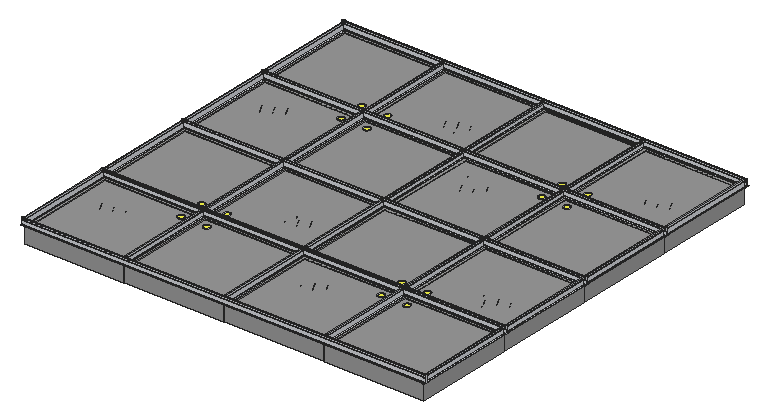
Revit family "GRD-FPG-019_FOLDED PLUG GRID_RFA", category Modelos genéricos, Revit 2022
Family settings
  Puede alojar armadura = No
  Cota de conector redondo = Diámetro de uso
  Tipo de pieza = Normal
  Se basa en plano de trabajo = No
  Siempre vertical = Sí
  Corte con vacíos al cargar = No
  Mantener orientación de anotación = No
  Compartido = No
  Punto de cálculo de habitación = No
Parameters
  Elevación por defecto = 0.00"
Reference planes (in)
  plane 1 "Centro (Frontal/Posterior)": y = 0
  plane 2: z = 0
  plane 3 "Centro (Izquierda/Derecha)": x = 0
Forms (in)
  Extrusion 1, solid
    sketch origin (0.125, -23.875, 0) x (1, 0, 0) y (0, 1, 0)
      loop
        line (23.75, 23.75) -> (0, 23.75) -> (0, 0) -> (23.75, 0) -> (23.75, 23.75)
      loop
        line (0.94488, 0.94488) -> (22.80511, 0.94488) -> (22.80511, 22.80512) -> (0.94488, 22.80512) -> (0.94488, 0.94488)
    from -4 to 0
  Extrusion 2, solid
    sketch origin (0.125, -23.875, 0) x (1, 0, 0) y (0, 1, 0)
      loop
        line (22.80511, 0.94488) -> (22.80511, 22.80512) -> (0.94488, 22.80512) -> (0.94488, 0.94488) -> (22.80511, 0.94488)
      loop
        circle (20.79957, 2.95042) r 0.75
    from -0.42218 to 0
  Extrusion 3, solid
    sketch origin (0.125, -23.875, 0) x (1, 0, 0) y (0, 1, 0)
      loop
        line (23.27755, 14.46569) -> (23.27755, 14.93769)
        arc (23.27755, 14.93769) -> (13.04907, 10.70092) -> (8.8123, 0.47244) r 14.46525
        line (8.8123, 0.47244) -> (9.2843, 0.47244)
        arc (9.2843, 0.47244) -> (13.38283, 10.36716) -> (23.27755, 14.46569) r 13.99325
      loop
        arc (6.7843, 0.47244) -> (11.61478, 12.13425) -> (23.27659, 16.96473) r 16.49229
        line (23.27659, 16.96473) -> (23.27659, 17.43769)
        arc (23.27659, 17.43769) -> (11.28034, 12.46869) -> (6.31133, 0.47244) r 16.96525
        line (6.31133, 0.47244) -> (6.7843, 0.47244)
      loop
        line (23.27756, 19.46569) -> (23.27756, 19.9377)
        arc (23.27756, 19.9377) -> (9.51354, 14.23646) -> (3.8123, 0.47244) r 19.46526
        line (3.8123, 0.47244) -> (4.2843, 0.47244)
        arc (4.2843, 0.47244) -> (9.8473, 13.9027) -> (23.27756, 19.46569) r 18.99325
    from -3.57782 to -0.42218
  Extrusion 4, solid
    sketch origin (0.125, -23.875, 0) x (1, 0, 0) y (0, 1, 0)
      loop
        circle (20.79957, 2.95042) r 0.75
      loop
        circle (20.79957, 2.95042) r 1
    from -0.57265 to -0.42218
  Extrusion 5, solid
    sketch origin (0.125, -23.875, 0) x (1, 0, 0) y (0, 1, 0)
      loop
        circle (20.79957, 2.95042) r 0.75
    from -0.57265 to 0.00002
  Extrusion 6, solid, not visible
    sketch origin (0, 0, 0) x (1, 0, 0) y (0, 1, 0)
      loop
        circle (20.79957, 2.95042) r 0.75
      loop
        circle (20.79957, 2.95042) r 1
    from -0.57265 to -0.42218
  Extrusion 7, solid, not visible
    sketch origin (0, 0, 0) x (1, 0, 0) y (0, 1, 0)
      loop
        circle (20.79957, 2.95042) r 0.75
    from -0.57265 to 0.00002
  Extrusion 8, solid, not visible
    sketch origin (0, 0, 0) x (1, 0, 0) y (0, 1, 0)
      loop
        line (23.75, 23.75) -> (0, 23.75) -> (0, 0) -> (23.75, 0) -> (23.75, 23.75)
      loop
        line (0.94488, 0.94488) -> (22.80511, 0.94488) -> (22.80511, 22.80512) -> (0.94488, 22.80512) -> (0.94488, 0.94488)
    from -4 to 0
  Extrusion 9, solid, not visible
    sketch origin (0, 0, 0) x (1, 0, 0) y (0, 1, 0)
      loop
        line (22.80511, 0.94488) -> (22.80511, 22.80512) -> (0.94488, 22.80512) -> (0.94488, 0.94488) -> (22.80511, 0.94488)
      loop
        circle (20.79957, 2.95042) r 0.75
    from -0.42218 to 0
  Extrusion 10, solid, not visible
    sketch origin (0, 0, 0) x (1, 0, 0) y (0, 1, 0)
      loop
        line (23.27755, 14.46569) -> (23.27755, 14.93769)
        arc (23.27755, 14.93769) -> (13.04907, 10.70092) -> (8.8123, 0.47244) r 14.46525
        line (8.8123, 0.47244) -> (9.2843, 0.47244)
        arc (9.2843, 0.47244) -> (13.38283, 10.36716) -> (23.27755, 14.46569) r 13.99325
      loop
        arc (6.7843, 0.47244) -> (11.61478, 12.13425) -> (23.27659, 16.96473) r 16.49229
        line (23.27659, 16.96473) -> (23.27659, 17.43769)
        arc (23.27659, 17.43769) -> (11.28034, 12.46869) -> (6.31133, 0.47244) r 16.96525
        line (6.31133, 0.47244) -> (6.7843, 0.47244)
      loop
        line (23.27756, 19.46569) -> (23.27756, 19.9377)
        arc (23.27756, 19.9377) -> (9.51354, 14.23646) -> (3.8123, 0.47244) r 19.46526
        line (3.8123, 0.47244) -> (4.2843, 0.47244)
        arc (4.2843, 0.47244) -> (9.8473, 13.9027) -> (23.27756, 19.46569) r 18.99325
    from -3.57782 to -0.42218
  Extrusion 11, solid, not visible
    sketch origin (0, 0, 0) x (1, 0, 0) y (0, 1, 0)
      loop
        line (23.75, 23.75) -> (0, 23.75) -> (0, 0) -> (23.75, 0) -> (23.75, 23.75)
      loop
        line (0.94488, 0.94488) -> (22.80511, 0.94488) -> (22.80511, 22.80512) -> (0.94488, 22.80512) -> (0.94488, 0.94488)
    from -4 to 0
  Extrusion 12, solid, not visible
    sketch origin (0, 0, 0) x (1, 0, 0) y (0, 1, 0)
      loop
        line (22.80511, 0.94488) -> (22.80511, 22.80512) -> (0.94488, 22.80512) -> (0.94488, 0.94488) -> (22.80511, 0.94488)
      loop
        circle (20.79957, 2.95042) r 0.75
    from -0.42218 to 0
  Extrusion 13, solid, not visible
    sketch origin (0, 0, 0) x (1, 0, 0) y (0, 1, 0)
      loop
        line (23.27755, 14.46569) -> (23.27755, 14.93769)
        arc (23.27755, 14.93769) -> (13.04907, 10.70092) -> (8.8123, 0.47244) r 14.46525
        line (8.8123, 0.47244) -> (9.2843, 0.47244)
        arc (9.2843, 0.47244) -> (13.38283, 10.36716) -> (23.27755, 14.46569) r 13.99325
      loop
        arc (6.7843, 0.47244) -> (11.61478, 12.13425) -> (23.27659, 16.96473) r 16.49229
        line (23.27659, 16.96473) -> (23.27659, 17.43769)
        arc (23.27659, 17.43769) -> (11.28034, 12.46869) -> (6.31133, 0.47244) r 16.96525
        line (6.31133, 0.47244) -> (6.7843, 0.47244)
      loop
        line (23.27756, 19.46569) -> (23.27756, 19.9377)
        arc (23.27756, 19.9377) -> (9.51354, 14.23646) -> (3.8123, 0.47244) r 19.46526
        line (3.8123, 0.47244) -> (4.2843, 0.47244)
        arc (4.2843, 0.47244) -> (9.8473, 13.9027) -> (23.27756, 19.46569) r 18.99325
    from -3.57782 to -0.42218
  Extrusion 14, solid, not visible
    sketch origin (0, 0, 0) x (1, 0, 0) y (0, 1, 0)
      loop
        circle (20.79957, 2.95042) r 0.75
      loop
        circle (20.79957, 2.95042) r 1
    from -0.57265 to -0.42218
  Extrusion 15, solid, not visible
    sketch origin (0, 0, 0) x (1, 0, 0) y (0, 1, 0)
      loop
        circle (20.79957, 2.95042) r 0.75
    from -0.57265 to 0.00002
  Extrusion 16, solid
    sketch origin (0.375, -23.875, 0) x (1, 0, 0) y (0, 1, 0)
      loop
        line (23.75, 23.75) -> (23.75, 0) -> (47.5, 0) -> (47.5, 23.75) -> (23.75, 23.75)
      loop
        line (46.55512, 0.94488) -> (46.55512, 22.80512) -> (24.69489, 22.80512) -> (24.69489, 0.94488) -> (46.55512, 0.94488)
    from -4 to 0
  Extrusion 17, solid
    sketch origin (0.375, -23.875, 0) x (1, 0, 0) y (0, 1, 0)
      loop
        line (24.69489, 0.94488) -> (46.55512, 0.94488) -> (46.55512, 22.80512) -> (24.69489, 22.80512) -> (24.69489, 0.94488)
      loop
        circle (26.70043, 2.95042) r 0.75
    from -0.42218 to 0
  Extrusion 18, solid
    sketch origin (0.375, -23.875, 0) x (1, 0, 0) y (0, 1, 0)
      loop
        arc (24.22245, 14.46569) -> (34.11717, 10.36716) -> (38.2157, 0.47244) r 13.99325
        line (38.2157, 0.47244) -> (38.6877, 0.47244)
        arc (38.6877, 0.47244) -> (34.45093, 10.70092) -> (24.22245, 14.93769) r 14.46525
        line (24.22245, 14.93769) -> (24.22245, 14.46569)
      loop
        line (40.7157, 0.47244) -> (41.18867, 0.47244)
        arc (41.18867, 0.47244) -> (36.21966, 12.46869) -> (24.22341, 17.43769) r 16.96525
        line (24.22341, 17.43769) -> (24.22341, 16.96473)
        arc (24.22341, 16.96473) -> (35.88522, 12.13425) -> (40.7157, 0.47244) r 16.49229
      loop
        arc (24.22244, 19.46569) -> (37.6527, 13.9027) -> (43.2157, 0.47244) r 18.99325
        line (43.2157, 0.47244) -> (43.6877, 0.47244)
        arc (43.6877, 0.47244) -> (37.98646, 14.23646) -> (24.22244, 19.9377) r 19.46526
        line (24.22244, 19.9377) -> (24.22244, 19.46569)
    from -3.57782 to -0.42218
  Extrusion 19, solid
    sketch origin (0.375, -23.875, 0) x (1, 0, 0) y (0, 1, 0)
      loop
        circle (26.70043, 2.95042) r 0.75
      loop
        circle (26.70043, 2.95042) r 1
    from -0.57265 to -0.42218
  Extrusion 20, solid
    sketch origin (0.375, -23.875, 0) x (1, 0, 0) y (0, 1, 0)
      loop
        circle (26.70043, 2.95042) r 0.75
    from -0.57265 to 0.00002
  Extrusion 21, solid
    sketch origin (0.375, -24.125, 0) x (1, 0, 0) y (0, 1, 0)
      loop
        line (23.75, -23.75) -> (47.5, -23.75) -> (47.5, 0) -> (23.75, 0) -> (23.75, -23.75)
      loop
        line (46.55512, -0.94488) -> (24.69489, -0.94488) -> (24.69489, -22.80512) -> (46.55512, -22.80512) -> (46.55512, -0.94488)
    from -4 to 0
  Extrusion 22, solid
    sketch origin (0.375, -24.125, 0) x (1, 0, 0) y (0, 1, 0)
      loop
        line (24.69489, -0.94488) -> (24.69489, -22.80512) -> (46.55512, -22.80512) -> (46.55512, -0.94488) -> (24.69489, -0.94488)
      loop
        circle (26.70043, -2.95042) r 0.75
    from -0.42218 to 0
  Extrusion 23, solid
    sketch origin (0.375, -24.125, 0) x (1, 0, 0) y (0, 1, 0)
      loop
        line (24.22245, -14.46569) -> (24.22245, -14.93769)
        arc (24.22245, -14.93769) -> (34.45093, -10.70092) -> (38.6877, -0.47244) r 14.46525
        line (38.6877, -0.47244) -> (38.2157, -0.47244)
        arc (38.2157, -0.47244) -> (34.11717, -10.36716) -> (24.22245, -14.46569) r 13.99325
      loop
        arc (40.7157, -0.47244) -> (35.88522, -12.13425) -> (24.22341, -16.96473) r 16.49229
        line (24.22341, -16.96473) -> (24.22341, -17.43769)
        arc (24.22341, -17.43769) -> (36.21966, -12.46869) -> (41.18867, -0.47244) r 16.96525
        line (41.18867, -0.47244) -> (40.7157, -0.47244)
      loop
        line (24.22244, -19.46569) -> (24.22244, -19.9377)
        arc (24.22244, -19.9377) -> (37.98646, -14.23646) -> (43.6877, -0.47244) r 19.46526
        line (43.6877, -0.47244) -> (43.2157, -0.47244)
        arc (43.2157, -0.47244) -> (37.6527, -13.9027) -> (24.22244, -19.46569) r 18.99325
    from -3.57782 to -0.42218
  Extrusion 24, solid
    sketch origin (0.375, -24.125, 0) x (1, 0, 0) y (0, 1, 0)
      loop
        circle (26.70043, -2.95042) r 0.75
      loop
        circle (26.70043, -2.95042) r 1
    from -0.57265 to -0.42218
  Extrusion 25, solid
    sketch origin (0.375, -24.125, 0) x (1, 0, 0) y (0, 1, 0)
      loop
        circle (26.70043, -2.95042) r 0.75
    from -0.57265 to 0.00002
  Extrusion 26, solid
    sketch origin (0.125, -24.125, 0) x (1, 0, 0) y (0, 1, 0)
      loop
        line (23.75, -23.75) -> (23.75, 0) -> (0, 0) -> (0, -23.75) -> (23.75, -23.75)
      loop
        line (0.94488, -0.94488) -> (0.94488, -22.80512) -> (22.80511, -22.80512) -> (22.80511, -0.94488) -> (0.94488, -0.94488)
    from -4 to 0
  Extrusion 27, solid
    sketch origin (0.125, -24.125, 0) x (1, 0, 0) y (0, 1, 0)
      loop
        line (22.80511, -0.94488) -> (0.94488, -0.94488) -> (0.94488, -22.80512) -> (22.80511, -22.80512) -> (22.80511, -0.94488)
      loop
        circle (20.79957, -2.95042) r 0.75
    from -0.42218 to 0
  Extrusion 28, solid
    sketch origin (0.125, -24.125, 0) x (1, 0, 0) y (0, 1, 0)
      loop
        arc (23.27755, -14.46569) -> (13.38283, -10.36716) -> (9.2843, -0.47244) r 13.99325
        line (9.2843, -0.47244) -> (8.8123, -0.47244)
        arc (8.8123, -0.47244) -> (13.04907, -10.70092) -> (23.27755, -14.93769) r 14.46525
        line (23.27755, -14.93769) -> (23.27755, -14.46569)
      loop
        line (6.7843, -0.47244) -> (6.31133, -0.47244)
        arc (6.31133, -0.47244) -> (11.28034, -12.46869) -> (23.27659, -17.43769) r 16.96525
        line (23.27659, -17.43769) -> (23.27659, -16.96473)
        arc (23.27659, -16.96473) -> (11.61478, -12.13425) -> (6.7843, -0.47244) r 16.49229
      loop
        arc (23.27756, -19.46569) -> (9.8473, -13.9027) -> (4.2843, -0.47244) r 18.99325
        line (4.2843, -0.47244) -> (3.8123, -0.47244)
        arc (3.8123, -0.47244) -> (9.51354, -14.23646) -> (23.27756, -19.9377) r 19.46526
        line (23.27756, -19.9377) -> (23.27756, -19.46569)
    from -3.57782 to -0.42218
  Extrusion 29, solid
    sketch origin (0.125, -24.125, 0) x (1, 0, 0) y (0, 1, 0)
      loop
        circle (20.79957, -2.95042) r 0.75
      loop
        circle (20.79957, -2.95042) r 1
    from -0.57265 to -0.42218
  Extrusion 30, solid
    sketch origin (0.125, -24.125, 0) x (1, 0, 0) y (0, 1, 0)
      loop
        circle (20.79957, -2.95042) r 0.75
    from -0.57265 to 0.00002
  Extrusion 31, solid
    sketch origin (0.125, 24.125, 0) x (1, 0, 0) y (0, 1, 0)
      loop
        line (23.75, 23.75) -> (0, 23.75) -> (0, 0) -> (23.75, 0) -> (23.75, 23.75)
      loop
        line (0.94488, 0.94488) -> (22.80511, 0.94488) -> (22.80511, 22.80512) -> (0.94488, 22.80512) -> (0.94488, 0.94488)
    from -4 to 0
  Extrusion 32, solid
    sketch origin (0.125, 24.125, 0) x (1, 0, 0) y (0, 1, 0)
      loop
        line (22.80511, 0.94488) -> (22.80511, 22.80512) -> (0.94488, 22.80512) -> (0.94488, 0.94488) -> (22.80511, 0.94488)
      loop
        circle (20.79957, 2.95042) r 0.75
    from -0.42218 to 0
  Extrusion 33, solid
    sketch origin (0.125, 24.125, 0) x (1, 0, 0) y (0, 1, 0)
      loop
        line (23.27755, 14.46569) -> (23.27755, 14.93769)
        arc (23.27755, 14.93769) -> (13.04907, 10.70092) -> (8.8123, 0.47244) r 14.46525
        line (8.8123, 0.47244) -> (9.2843, 0.47244)
        arc (9.2843, 0.47244) -> (13.38283, 10.36716) -> (23.27755, 14.46569) r 13.99325
      loop
        arc (6.7843, 0.47244) -> (11.61478, 12.13425) -> (23.27659, 16.96473) r 16.49229
        line (23.27659, 16.96473) -> (23.27659, 17.43769)
        arc (23.27659, 17.43769) -> (11.28034, 12.46869) -> (6.31133, 0.47244) r 16.96525
        line (6.31133, 0.47244) -> (6.7843, 0.47244)
      loop
        line (23.27756, 19.46569) -> (23.27756, 19.9377)
        arc (23.27756, 19.9377) -> (9.51354, 14.23646) -> (3.8123, 0.47244) r 19.46526
        line (3.8123, 0.47244) -> (4.2843, 0.47244)
        arc (4.2843, 0.47244) -> (9.8473, 13.9027) -> (23.27756, 19.46569) r 18.99325
    from -3.57782 to -0.42218
  Extrusion 34, solid
    sketch origin (0.125, 24.125, 0) x (1, 0, 0) y (0, 1, 0)
      loop
        circle (20.79957, 2.95042) r 0.75
      loop
        circle (20.79957, 2.95042) r 1
    from -0.57265 to -0.42218
  Extrusion 35, solid
    sketch origin (0.125, 24.125, 0) x (1, 0, 0) y (0, 1, 0)
      loop
        circle (20.79957, 2.95042) r 0.75
    from -0.57265 to 0.00002
  Extrusion 36, solid
    sketch origin (0.375, 24.125, 0) x (1, 0, 0) y (0, 1, 0)
      loop
        line (23.75, 23.75) -> (23.75, 0) -> (47.5, 0) -> (47.5, 23.75) -> (23.75, 23.75)
      loop
        line (46.55512, 0.94488) -> (46.55512, 22.80512) -> (24.69489, 22.80512) -> (24.69489, 0.94488) -> (46.55512, 0.94488)
    from -4 to 0
  Extrusion 37, solid
    sketch origin (0.375, 24.125, 0) x (1, 0, 0) y (0, 1, 0)
      loop
        line (24.69489, 0.94488) -> (46.55512, 0.94488) -> (46.55512, 22.80512) -> (24.69489, 22.80512) -> (24.69489, 0.94488)
      loop
        circle (26.70043, 2.95042) r 0.75
    from -0.42218 to 0
  Extrusion 38, solid
    sketch origin (0.375, 24.125, 0) x (1, 0, 0) y (0, 1, 0)
      loop
        arc (24.22245, 14.46569) -> (34.11717, 10.36716) -> (38.2157, 0.47244) r 13.99325
        line (38.2157, 0.47244) -> (38.6877, 0.47244)
        arc (38.6877, 0.47244) -> (34.45093, 10.70092) -> (24.22245, 14.93769) r 14.46525
        line (24.22245, 14.93769) -> (24.22245, 14.46569)
      loop
        line (40.7157, 0.47244) -> (41.18867, 0.47244)
        arc (41.18867, 0.47244) -> (36.21966, 12.46869) -> (24.22341, 17.43769) r 16.96525
        line (24.22341, 17.43769) -> (24.22341, 16.96473)
        arc (24.22341, 16.96473) -> (35.88522, 12.13425) -> (40.7157, 0.47244) r 16.49229
      loop
        arc (24.22244, 19.46569) -> (37.6527, 13.9027) -> (43.2157, 0.47244) r 18.99325
        line (43.2157, 0.47244) -> (43.6877, 0.47244)
        arc (43.6877, 0.47244) -> (37.98646, 14.23646) -> (24.22244, 19.9377) r 19.46526
        line (24.22244, 19.9377) -> (24.22244, 19.46569)
    from -3.57782 to -0.42218
  Extrusion 39, solid
    sketch origin (0.375, 24.125, 0) x (1, 0, 0) y (0, 1, 0)
      loop
        circle (26.70043, 2.95042) r 0.75
      loop
        circle (26.70043, 2.95042) r 1
    from -0.57265 to -0.42218
  Extrusion 40, solid
    sketch origin (0.375, 24.125, 0) x (1, 0, 0) y (0, 1, 0)
      loop
        circle (26.70043, 2.95042) r 0.75
    from -0.57265 to 0.00002
  Extrusion 41, solid
    sketch origin (0.375, 23.875, 0) x (1, 0, 0) y (0, 1, 0)
      loop
        line (23.75, -23.75) -> (47.5, -23.75) -> (47.5, 0) -> (23.75, 0) -> (23.75, -23.75)
      loop
        line (46.55512, -0.94488) -> (24.69489, -0.94488) -> (24.69489, -22.80512) -> (46.55512, -22.80512) -> (46.55512, -0.94488)
    from -4 to 0
  Extrusion 42, solid
    sketch origin (0.375, 23.875, 0) x (1, 0, 0) y (0, 1, 0)
      loop
        line (24.69489, -0.94488) -> (24.69489, -22.80512) -> (46.55512, -22.80512) -> (46.55512, -0.94488) -> (24.69489, -0.94488)
      loop
        circle (26.70043, -2.95042) r 0.75
    from -0.42218 to 0
  Extrusion 43, solid
    sketch origin (0.375, 23.875, 0) x (1, 0, 0) y (0, 1, 0)
      loop
        line (24.22245, -14.46569) -> (24.22245, -14.93769)
        arc (24.22245, -14.93769) -> (34.45093, -10.70092) -> (38.6877, -0.47244) r 14.46525
        line (38.6877, -0.47244) -> (38.2157, -0.47244)
        arc (38.2157, -0.47244) -> (34.11717, -10.36716) -> (24.22245, -14.46569) r 13.99325
      loop
        arc (40.7157, -0.47244) -> (35.88522, -12.13425) -> (24.22341, -16.96473) r 16.49229
        line (24.22341, -16.96473) -> (24.22341, -17.43769)
        arc (24.22341, -17.43769) -> (36.21966, -12.46869) -> (41.18867, -0.47244) r 16.96525
        line (41.18867, -0.47244) -> (40.7157, -0.47244)
      loop
        line (24.22244, -19.46569) -> (24.22244, -19.9377)
        arc (24.22244, -19.9377) -> (37.98646, -14.23646) -> (43.6877, -0.47244) r 19.46526
        line (43.6877, -0.47244) -> (43.2157, -0.47244)
        arc (43.2157, -0.47244) -> (37.6527, -13.9027) -> (24.22244, -19.46569) r 18.99325
    from -3.57782 to -0.42218
  Extrusion 44, solid
    sketch origin (0.375, 23.875, 0) x (1, 0, 0) y (0, 1, 0)
      loop
        circle (26.70043, -2.95042) r 0.75
      loop
        circle (26.70043, -2.95042) r 1
    from -0.57265 to -0.42218
  Extrusion 45, solid
    sketch origin (0.375, 23.875, 0) x (1, 0, 0) y (0, 1, 0)
      loop
        circle (26.70043, -2.95042) r 0.75
    from -0.57265 to 0.00002
  Extrusion 46, solid
    sketch origin (0.125, 23.875, 0) x (1, 0, 0) y (0, 1, 0)
      loop
        line (23.75, -23.75) -> (23.75, 0) -> (0, 0) -> (0, -23.75) -> (23.75, -23.75)
      loop
        line (0.94488, -0.94488) -> (0.94488, -22.80512) -> (22.80511, -22.80512) -> (22.80511, -0.94488) -> (0.94488, -0.94488)
    from -4 to 0
  Extrusion 47, solid
    sketch origin (0.125, 23.875, 0) x (1, 0, 0) y (0, 1, 0)
      loop
        line (22.80511, -0.94488) -> (0.94488, -0.94488) -> (0.94488, -22.80512) -> (22.80511, -22.80512) -> (22.80511, -0.94488)
      loop
        circle (20.79957, -2.95042) r 0.75
    from -0.42218 to 0
  Extrusion 48, solid
    sketch origin (0.125, 23.875, 0) x (1, 0, 0) y (0, 1, 0)
      loop
        arc (23.27755, -14.46569) -> (13.38283, -10.36716) -> (9.2843, -0.47244) r 13.99325
        line (9.2843, -0.47244) -> (8.8123, -0.47244)
        arc (8.8123, -0.47244) -> (13.04907, -10.70092) -> (23.27755, -14.93769) r 14.46525
        line (23.27755, -14.93769) -> (23.27755, -14.46569)
      loop
        line (6.7843, -0.47244) -> (6.31133, -0.47244)
        arc (6.31133, -0.47244) -> (11.28034, -12.46869) -> (23.27659, -17.43769) r 16.96525
        line (23.27659, -17.43769) -> (23.27659, -16.96473)
        arc (23.27659, -16.96473) -> (11.61478, -12.13425) -> (6.7843, -0.47244) r 16.49229
      loop
        arc (23.27756, -19.46569) -> (9.8473, -13.9027) -> (4.2843, -0.47244) r 18.99325
        line (4.2843, -0.47244) -> (3.8123, -0.47244)
        arc (3.8123, -0.47244) -> (9.51354, -14.23646) -> (23.27756, -19.9377) r 19.46526
        line (23.27756, -19.9377) -> (23.27756, -19.46569)
    from -3.57782 to -0.42218
  Extrusion 49, solid
    sketch origin (0.125, 23.875, 0) x (1, 0, 0) y (0, 1, 0)
      loop
        circle (20.79957, -2.95042) r 0.75
      loop
        circle (20.79957, -2.95042) r 1
    from -0.57265 to -0.42218
  Extrusion 50, solid
    sketch origin (0.125, 23.875, 0) x (1, 0, 0) y (0, 1, 0)
      loop
        circle (20.79957, -2.95042) r 0.75
    from -0.57265 to 0.00002
  Extrusion 51, solid
    sketch origin (-0.125, 23.875, 0) x (-1, 0, 0) y (0, -1, 0)
      loop
        line (23.75, 24) -> (23.75, 47.75) -> (0, 47.75) -> (0, 24) -> (23.75, 24)
      loop
        line (0.94488, 46.80512) -> (0.94488, 24.94488) -> (22.80511, 24.94488) -> (22.80511, 46.80512) -> (0.94488, 46.80512)
    from -4 to 0
  Extrusion 52, solid
    sketch origin (-0.125, 23.875, 0) x (-1, 0, 0) y (0, -1, 0)
      loop
        line (22.80511, 46.80512) -> (0.94488, 46.80512) -> (0.94488, 24.94488) -> (22.80511, 24.94488) -> (22.80511, 46.80512)
      loop
        circle (20.79957, 44.79958) r 0.75
    from -0.42218 to 0
  Extrusion 53, solid
    sketch origin (-0.125, 23.875, 0) x (-1, 0, 0) y (0, -1, 0)
      loop
        arc (23.27755, 33.28431) -> (13.38283, 37.38284) -> (9.2843, 47.27756) r 13.99325
        line (9.2843, 47.27756) -> (8.8123, 47.27756)
        arc (8.8123, 47.27756) -> (13.04907, 37.04908) -> (23.27755, 32.81231) r 14.46525
        line (23.27755, 32.81231) -> (23.27755, 33.28431)
      loop
        line (6.7843, 47.27756) -> (6.31133, 47.27756)
        arc (6.31133, 47.27756) -> (11.28034, 35.28131) -> (23.27659, 30.31231) r 16.96525
        line (23.27659, 30.31231) -> (23.27659, 30.78527)
        arc (23.27659, 30.78527) -> (11.61478, 35.61575) -> (6.7843, 47.27756) r 16.49229
      loop
        arc (23.27756, 28.28431) -> (9.8473, 33.8473) -> (4.2843, 47.27756) r 18.99325
        line (4.2843, 47.27756) -> (3.8123, 47.27756)
        arc (3.8123, 47.27756) -> (9.51354, 33.51354) -> (23.27756, 27.8123) r 19.46526
        line (23.27756, 27.8123) -> (23.27756, 28.28431)
    from -3.57782 to -0.42218
  Extrusion 54, solid
    sketch origin (-0.125, 23.875, 0) x (-1, 0, 0) y (0, -1, 0)
      loop
        circle (20.79957, 44.79958) r 0.75
      loop
        circle (20.79957, 44.79958) r 1
    from -0.57265 to -0.42218
  Extrusion 55, solid
    sketch origin (-0.125, 23.875, 0) x (-1, 0, 0) y (0, -1, 0)
      loop
        circle (20.79957, 44.79958) r 0.75
    from -0.57265 to 0.00002
  Extrusion 56, solid
    sketch origin (-0.375, 23.875, 0) x (-1, 0, 0) y (0, -1, 0)
      loop
        line (23.75, 24) -> (47.5, 24) -> (47.5, 47.75) -> (23.75, 47.75) -> (23.75, 24)
      loop
        line (46.55512, 46.80512) -> (24.69489, 46.80512) -> (24.69489, 24.94488) -> (46.55512, 24.94488) -> (46.55512, 46.80512)
    from -4 to 0
  Extrusion 57, solid
    sketch origin (-0.375, 23.875, 0) x (-1, 0, 0) y (0, -1, 0)
      loop
        line (24.69489, 46.80512) -> (24.69489, 24.94488) -> (46.55512, 24.94488) -> (46.55512, 46.80512) -> (24.69489, 46.80512)
      loop
        circle (26.70043, 44.79958) r 0.75
    from -0.42218 to 0
  Extrusion 58, solid
    sketch origin (-0.375, 23.875, 0) x (-1, 0, 0) y (0, -1, 0)
      loop
        line (24.22245, 33.28431) -> (24.22245, 32.81231)
        arc (24.22245, 32.81231) -> (34.45093, 37.04908) -> (38.6877, 47.27756) r 14.46525
        line (38.6877, 47.27756) -> (38.2157, 47.27756)
        arc (38.2157, 47.27756) -> (34.11717, 37.38284) -> (24.22245, 33.28431) r 13.99325
      loop
        arc (40.7157, 47.27756) -> (35.88522, 35.61575) -> (24.22341, 30.78527) r 16.49229
        line (24.22341, 30.78527) -> (24.22341, 30.31231)
        arc (24.22341, 30.31231) -> (36.21966, 35.28131) -> (41.18867, 47.27756) r 16.96525
        line (41.18867, 47.27756) -> (40.7157, 47.27756)
      loop
        line (24.22244, 28.28431) -> (24.22244, 27.8123)
        arc (24.22244, 27.8123) -> (37.98646, 33.51354) -> (43.6877, 47.27756) r 19.46526
        line (43.6877, 47.27756) -> (43.2157, 47.27756)
        arc (43.2157, 47.27756) -> (37.6527, 33.8473) -> (24.22244, 28.28431) r 18.99325
    from -3.57782 to -0.42218
  Extrusion 59, solid
    sketch origin (-0.375, 23.875, 0) x (-1, 0, 0) y (0, -1, 0)
      loop
        circle (26.70043, 44.79958) r 0.75
      loop
        circle (26.70043, 44.79958) r 1
    from -0.57265 to -0.42218
  Extrusion 60, solid
    sketch origin (-0.375, 23.875, 0) x (-1, 0, 0) y (0, -1, 0)
      loop
        circle (26.70043, 44.79958) r 0.75
    from -0.57265 to 0.00002
  Extrusion 61, solid
    sketch origin (-0.375, 24.125, 0) x (-1, 0, 0) y (0, -1, 0)
      loop
        line (23.75, 72) -> (23.75, 48.25) -> (47.5, 48.25) -> (47.5, 72) -> (23.75, 72)
      loop
        line (46.55512, 49.19488) -> (46.55512, 71.05512) -> (24.69489, 71.05512) -> (24.69489, 49.19488) -> (46.55512, 49.19488)
    from -4 to 0
  Extrusion 62, solid
    sketch origin (-0.375, 24.125, 0) x (-1, 0, 0) y (0, -1, 0)
      loop
        line (24.69489, 49.19488) -> (46.55512, 49.19488) -> (46.55512, 71.05512) -> (24.69489, 71.05512) -> (24.69489, 49.19488)
      loop
        circle (26.70043, 51.20042) r 0.75
    from -0.42218 to 0
  Extrusion 63, solid
    sketch origin (-0.375, 24.125, 0) x (-1, 0, 0) y (0, -1, 0)
      loop
        arc (24.22245, 62.71569) -> (34.11717, 58.61716) -> (38.2157, 48.72244) r 13.99325
        line (38.2157, 48.72244) -> (38.6877, 48.72244)
        arc (38.6877, 48.72244) -> (34.45093, 58.95092) -> (24.22245, 63.18769) r 14.46525
        line (24.22245, 63.18769) -> (24.22245, 62.71569)
      loop
        line (40.7157, 48.72244) -> (41.18867, 48.72244)
        arc (41.18867, 48.72244) -> (36.21966, 60.71869) -> (24.22341, 65.68769) r 16.96525
        line (24.22341, 65.68769) -> (24.22341, 65.21473)
        arc (24.22341, 65.21473) -> (35.88522, 60.38425) -> (40.7157, 48.72244) r 16.49229
      loop
        arc (24.22244, 67.71569) -> (37.6527, 62.1527) -> (43.2157, 48.72244) r 18.99325
        line (43.2157, 48.72244) -> (43.6877, 48.72244)
        arc (43.6877, 48.72244) -> (37.98646, 62.48646) -> (24.22244, 68.1877) r 19.46526
        line (24.22244, 68.1877) -> (24.22244, 67.71569)
    from -3.57782 to -0.42218
  Extrusion 64, solid
    sketch origin (-0.375, 24.125, 0) x (-1, 0, 0) y (0, -1, 0)
      loop
        circle (26.70043, 51.20042) r 0.75
      loop
        circle (26.70043, 51.20042) r 1
    from -0.57265 to -0.42218
  Extrusion 65, solid
    sketch origin (-0.375, 24.125, 0) x (-1, 0, 0) y (0, -1, 0)
      loop
        circle (26.70043, 51.20042) r 0.75
    from -0.57265 to 0.00002
  Extrusion 66, solid
    sketch origin (-0.125, 24.125, 0) x (-1, 0, 0) y (0, -1, 0)
      loop
        line (23.75, 72) -> (0, 72) -> (0, 48.25) -> (23.75, 48.25) -> (23.75, 72)
      loop
        line (0.94488, 49.19488) -> (22.80511, 49.19488) -> (22.80511, 71.05512) -> (0.94488, 71.05512) -> (0.94488, 49.19488)
    from -4 to 0
  Extrusion 67, solid
    sketch origin (-0.125, 24.125, 0) x (-1, 0, 0) y (0, -1, 0)
      loop
        line (22.80511, 49.19488) -> (22.80511, 71.05512) -> (0.94488, 71.05512) -> (0.94488, 49.19488) -> (22.80511, 49.19488)
      loop
        circle (20.79957, 51.20042) r 0.75
    from -0.42218 to 0
  Extrusion 68, solid
    sketch origin (-0.125, 24.125, 0) x (-1, 0, 0) y (0, -1, 0)
      loop
        line (23.27755, 62.71569) -> (23.27755, 63.18769)
        arc (23.27755, 63.18769) -> (13.04907, 58.95092) -> (8.8123, 48.72244) r 14.46525
        line (8.8123, 48.72244) -> (9.2843, 48.72244)
        arc (9.2843, 48.72244) -> (13.38283, 58.61716) -> (23.27755, 62.71569) r 13.99325
      loop
        arc (6.7843, 48.72244) -> (11.61478, 60.38425) -> (23.27659, 65.21473) r 16.49229
        line (23.27659, 65.21473) -> (23.27659, 65.68769)
        arc (23.27659, 65.68769) -> (11.28034, 60.71869) -> (6.31133, 48.72244) r 16.96525
        line (6.31133, 48.72244) -> (6.7843, 48.72244)
      loop
        line (23.27756, 67.71569) -> (23.27756, 68.1877)
        arc (23.27756, 68.1877) -> (9.51354, 62.48646) -> (3.8123, 48.72244) r 19.46526
        line (3.8123, 48.72244) -> (4.2843, 48.72244)
        arc (4.2843, 48.72244) -> (9.8473, 62.1527) -> (23.27756, 67.71569) r 18.99325
    from -3.57782 to -0.42218
  Extrusion 69, solid
    sketch origin (-0.125, 24.125, 0) x (-1, 0, 0) y (0, -1, 0)
      loop
        circle (20.79957, 51.20042) r 0.75
      loop
        circle (20.79957, 51.20042) r 1
    from -0.57265 to -0.42218
  Extrusion 70, solid
    sketch origin (-0.125, 24.125, 0) x (-1, 0, 0) y (0, -1, 0)
      loop
        circle (20.79957, 51.20042) r 0.75
    from -0.57265 to 0.00002
  Extrusion 71, solid
    sketch origin (-0.125, -24.125, 0) x (-1, 0, 0) y (0, -1, 0)
      loop
        line (23.75, -72) -> (23.75, -48.25) -> (0, -48.25) -> (0, -72) -> (23.75, -72)
      loop
        line (0.94488, -49.19488) -> (0.94488, -71.05512) -> (22.80511, -71.05512) -> (22.80511, -49.19488) -> (0.94488, -49.19488)
    from -4 to 0
  Extrusion 72, solid
    sketch origin (-0.125, -24.125, 0) x (-1, 0, 0) y (0, -1, 0)
      loop
        line (22.80511, -49.19488) -> (0.94488, -49.19488) -> (0.94488, -71.05512) -> (22.80511, -71.05512) -> (22.80511, -49.19488)
      loop
        circle (20.79957, -51.20042) r 0.75
    from -0.42218 to 0
  Extrusion 73, solid
    sketch origin (-0.125, -24.125, 0) x (-1, 0, 0) y (0, -1, 0)
      loop
        arc (23.27755, -62.71569) -> (13.38283, -58.61716) -> (9.2843, -48.72244) r 13.99325
        line (9.2843, -48.72244) -> (8.8123, -48.72244)
        arc (8.8123, -48.72244) -> (13.04907, -58.95092) -> (23.27755, -63.18769) r 14.46525
        line (23.27755, -63.18769) -> (23.27755, -62.71569)
      loop
        line (6.7843, -48.72244) -> (6.31133, -48.72244)
        arc (6.31133, -48.72244) -> (11.28034, -60.71869) -> (23.27659, -65.68769) r 16.96525
        line (23.27659, -65.68769) -> (23.27659, -65.21473)
        arc (23.27659, -65.21473) -> (11.61478, -60.38425) -> (6.7843, -48.72244) r 16.49229
      loop
        arc (23.27756, -67.71569) -> (9.8473, -62.1527) -> (4.2843, -48.72244) r 18.99325
        line (4.2843, -48.72244) -> (3.8123, -48.72244)
        arc (3.8123, -48.72244) -> (9.51354, -62.48646) -> (23.27756, -68.1877) r 19.46526
        line (23.27756, -68.1877) -> (23.27756, -67.71569)
    from -3.57782 to -0.42218
  Extrusion 74, solid
    sketch origin (-0.125, -24.125, 0) x (-1, 0, 0) y (0, -1, 0)
      loop
        circle (20.79957, -51.20042) r 0.75
      loop
        circle (20.79957, -51.20042) r 1
    from -0.57265 to -0.42218
  Extrusion 75, solid
    sketch origin (-0.125, -24.125, 0) x (-1, 0, 0) y (0, -1, 0)
      loop
        circle (20.79957, -51.20042) r 0.75
    from -0.57265 to 0.00002
  Extrusion 76, solid
    sketch origin (-0.375, -24.125, 0) x (-1, 0, 0) y (0, -1, 0)
      loop
        line (23.75, -72) -> (47.5, -72) -> (47.5, -48.25) -> (23.75, -48.25) -> (23.75, -72)
      loop
        line (46.55512, -49.19488) -> (24.69489, -49.19488) -> (24.69489, -71.05512) -> (46.55512, -71.05512) -> (46.55512, -49.19488)
    from -4 to 0
  Extrusion 77, solid
    sketch origin (-0.375, -24.125, 0) x (-1, 0, 0) y (0, -1, 0)
      loop
        line (24.69489, -49.19488) -> (24.69489, -71.05512) -> (46.55512, -71.05512) -> (46.55512, -49.19488) -> (24.69489, -49.19488)
      loop
        circle (26.70043, -51.20042) r 0.75
    from -0.42218 to 0
  Extrusion 78, solid
    sketch origin (-0.375, -24.125, 0) x (-1, 0, 0) y (0, -1, 0)
      loop
        line (24.22245, -62.71569) -> (24.22245, -63.18769)
        arc (24.22245, -63.18769) -> (34.45093, -58.95092) -> (38.6877, -48.72244) r 14.46525
        line (38.6877, -48.72244) -> (38.2157, -48.72244)
        arc (38.2157, -48.72244) -> (34.11717, -58.61716) -> (24.22245, -62.71569) r 13.99325
      loop
        arc (40.7157, -48.72244) -> (35.88522, -60.38425) -> (24.22341, -65.21473) r 16.49229
        line (24.22341, -65.21473) -> (24.22341, -65.68769)
        arc (24.22341, -65.68769) -> (36.21966, -60.71869) -> (41.18867, -48.72244) r 16.96525
        line (41.18867, -48.72244) -> (40.7157, -48.72244)
      loop
        line (24.22244, -67.71569) -> (24.22244, -68.1877)
        arc (24.22244, -68.1877) -> (37.98646, -62.48646) -> (43.6877, -48.72244) r 19.46526
        line (43.6877, -48.72244) -> (43.2157, -48.72244)
        arc (43.2157, -48.72244) -> (37.6527, -62.1527) -> (24.22244, -67.71569) r 18.99325
    from -3.57782 to -0.42218
  Extrusion 79, solid
    sketch origin (-0.375, -24.125, 0) x (-1, 0, 0) y (0, -1, 0)
      loop
        circle (26.70043, -51.20042) r 0.75
      loop
        circle (26.70043, -51.20042) r 1
    from -0.57265 to -0.42218
  Extrusion 80, solid
    sketch origin (-0.375, -24.125, 0) x (-1, 0, 0) y (0, -1, 0)
      loop
        circle (26.70043, -51.20042) r 0.75
    from -0.57265 to 0.00002
  Extrusion 81, solid
    sketch origin (-0.375, -23.875, 0) x (-1, 0, 0) y (0, -1, 0)
      loop
        line (23.75, -24) -> (23.75, -47.75) -> (47.5, -47.75) -> (47.5, -24) -> (23.75, -24)
      loop
        line (46.55512, -46.80512) -> (46.55512, -24.94488) -> (24.69489, -24.94488) -> (24.69489, -46.80512) -> (46.55512, -46.80512)
    from -4 to 0
  Extrusion 82, solid
    sketch origin (-0.375, -23.875, 0) x (-1, 0, 0) y (0, -1, 0)
      loop
        line (24.69489, -46.80512) -> (46.55512, -46.80512) -> (46.55512, -24.94488) -> (24.69489, -24.94488) -> (24.69489, -46.80512)
      loop
        circle (26.70043, -44.79958) r 0.75
    from -0.42218 to 0
  Extrusion 83, solid
    sketch origin (-0.375, -23.875, 0) x (-1, 0, 0) y (0, -1, 0)
      loop
        arc (24.22245, -33.28431) -> (34.11717, -37.38284) -> (38.2157, -47.27756) r 13.99325
        line (38.2157, -47.27756) -> (38.6877, -47.27756)
        arc (38.6877, -47.27756) -> (34.45093, -37.04908) -> (24.22245, -32.81231) r 14.46525
        line (24.22245, -32.81231) -> (24.22245, -33.28431)
      loop
        line (40.7157, -47.27756) -> (41.18867, -47.27756)
        arc (41.18867, -47.27756) -> (36.21966, -35.28131) -> (24.22341, -30.31231) r 16.96525
        line (24.22341, -30.31231) -> (24.22341, -30.78527)
        arc (24.22341, -30.78527) -> (35.88522, -35.61575) -> (40.7157, -47.27756) r 16.49229
      loop
        arc (24.22244, -28.28431) -> (37.6527, -33.8473) -> (43.2157, -47.27756) r 18.99325
        line (43.2157, -47.27756) -> (43.6877, -47.27756)
        arc (43.6877, -47.27756) -> (37.98646, -33.51354) -> (24.22244, -27.8123) r 19.46526
        line (24.22244, -27.8123) -> (24.22244, -28.28431)
    from -3.57782 to -0.42218
  Extrusion 84, solid
    sketch origin (-0.375, -23.875, 0) x (-1, 0, 0) y (0, -1, 0)
      loop
        circle (26.70043, -44.79958) r 0.75
      loop
        circle (26.70043, -44.79958) r 1
    from -0.57265 to -0.42218
  Extrusion 85, solid
    sketch origin (-0.375, -23.875, 0) x (-1, 0, 0) y (0, -1, 0)
      loop
        circle (26.70043, -44.79958) r 0.75
    from -0.57265 to 0.00002
  Extrusion 86, solid
    sketch origin (-0.125, -23.875, 0) x (-1, 0, 0) y (0, -1, 0)
      loop
        line (23.75, -24) -> (0, -24) -> (0, -47.75) -> (23.75, -47.75) -> (23.75, -24)
      loop
        line (0.94488, -46.80512) -> (22.80511, -46.80512) -> (22.80511, -24.94488) -> (0.94488, -24.94488) -> (0.94488, -46.80512)
    from -4 to 0
  Extrusion 87, solid
    sketch origin (-0.125, -23.875, 0) x (-1, 0, 0) y (0, -1, 0)
      loop
        line (22.80511, -46.80512) -> (22.80511, -24.94488) -> (0.94488, -24.94488) -> (0.94488, -46.80512) -> (22.80511, -46.80512)
      loop
        circle (20.79957, -44.79958) r 0.75
    from -0.42218 to 0
  Extrusion 88, solid
    sketch origin (-0.125, -23.875, 0) x (-1, 0, 0) y (0, -1, 0)
      loop
        line (23.27755, -33.28431) -> (23.27755, -32.81231)
        arc (23.27755, -32.81231) -> (13.04907, -37.04908) -> (8.8123, -47.27756) r 14.46525
        line (8.8123, -47.27756) -> (9.2843, -47.27756)
        arc (9.2843, -47.27756) -> (13.38283, -37.38284) -> (23.27755, -33.28431) r 13.99325
      loop
        arc (6.7843, -47.27756) -> (11.61478, -35.61575) -> (23.27659, -30.78527) r 16.49229
        line (23.27659, -30.78527) -> (23.27659, -30.31231)
        arc (23.27659, -30.31231) -> (11.28034, -35.28131) -> (6.31133, -47.27756) r 16.96525
        line (6.31133, -47.27756) -> (6.7843, -47.27756)
      loop
        line (23.27756, -28.28431) -> (23.27756, -27.8123)
        arc (23.27756, -27.8123) -> (9.51354, -33.51354) -> (3.8123, -47.27756) r 19.46526
        line (3.8123, -47.27756) -> (4.2843, -47.27756)
        arc (4.2843, -47.27756) -> (9.8473, -33.8473) -> (23.27756, -28.28431) r 18.99325
    from -3.57782 to -0.42218
  Extrusion 89, solid
    sketch origin (-0.125, -23.875, 0) x (-1, 0, 0) y (0, -1, 0)
      loop
        circle (20.79957, -44.79958) r 0.75
      loop
        circle (20.79957, -44.79958) r 1
    from -0.57265 to -0.42218
  Extrusion 90, solid
    sketch origin (-0.125, -23.875, 0) x (-1, 0, 0) y (0, -1, 0)
      loop
        circle (20.79957, -44.79958) r 0.75
    from -0.57265 to 0.00002
Dimensions and locks (in)
  nested 1 to nested 1 to plane 3 "Centro (Izquierda/Derecha)" to nested 1 to nested 1 = 24.00", 24.00006", 23.99994", 24.00"
  Extrusion 46 to Extrusion 1 to Extrusion 1 to Extrusion 26 = 0.25", 23.75", 0.25"
  aligned and locked: level to plane 2
Nested families (in)
  nested 1: "GRD-TLE-021_TILE 001_RFA" at (-48.46805, -48.44032, -0.59055), type "GRD-TLE-021_TILE 001_RFA"
Definition of nested family "GRD-TLE-021_TILE 001_RFA"
  Parameters
    Default Elevation = 0.00"
  Reference planes (in)
    plane 1 "Centro (Frontal/Posterior)": y = 0
    plane 2: z = 0
    plane 3 "Centro (Izquierda/Derecha)": x = 0
  Forms (in)
    Extrusion 1, solid, not visible
      sketch origin (0, 0, 0) x (1, 0, 0) y (0, 1, 0)
        loop
          line (0, 2.25) -> (0, 0) -> (108, 0) -> (108, 2.25) -> (0, 2.25)
      from 0 to 8
    Extrusion 2, solid, not visible
      sketch origin (0, 0, 0) x (1, 0, 0) y (0, 1, 0)
        loop
          line (0, 2.25) -> (0, 0) -> (108, 0) -> (108, 2.25) -> (0, 2.25)
      from 0 to 8
    Extrusion 3, solid, not visible
      sketch origin (0, 8, 0) x (1, 0, 0) y (0, 1, 0)
        loop
          line (0, 2.25) -> (0, 0) -> (108, 0) -> (108, 2.25) -> (0, 2.25)
      from 0 to 8
    Extrusion 4, solid, not visible
      sketch origin (0, 16, 0) x (1, 0, 0) y (0, 1, 0)
        loop
          line (0, 2.25) -> (0, 0) -> (108, 0) -> (108, 2.25) -> (0, 2.25)
      from 0 to 8
    Extrusion 5, solid, not visible
      sketch origin (0, 24, 0) x (1, 0, 0) y (0, 1, 0)
        loop
          line (0, 2.25) -> (0, 0) -> (108, 0) -> (108, 2.25) -> (0, 2.25)
      from 0 to 8
    Extrusion 6, solid, not visible
      sketch origin (0, 32, 0) x (1, 0, 0) y (0, 1, 0)
        loop
          line (0, 2.25) -> (0, 0) -> (108, 0) -> (108, 2.25) -> (0, 2.25)
      from 0 to 8
    Extrusion 7, solid, not visible
      sketch origin (0, 40, 0) x (1, 0, 0) y (0, 1, 0)
        loop
          line (0, 2.25) -> (0, 0) -> (108, 0) -> (108, 2.25) -> (0, 2.25)
      from 0 to 8
    Extrusion 8, solid, not visible
      sketch origin (0, 48, 0) x (1, 0, 0) y (0, 1, 0)
        loop
          line (0, 2.25) -> (0, 0) -> (108, 0) -> (108, 2.25) -> (0, 2.25)
      from 0 to 8
    Extrusion 9, solid, not visible
      sketch origin (0, 56, 0) x (1, 0, 0) y (0, 1, 0)
        loop
          line (0, 2.25) -> (0, 0) -> (108, 0) -> (108, 2.25) -> (0, 2.25)
      from 0 to 8
    Extrusion 10, solid, not visible
      sketch origin (0, 64, 0) x (1, 0, 0) y (0, 1, 0)
        loop
          line (0, 2.25) -> (0, 0) -> (108, 0) -> (108, 2.25) -> (0, 2.25)
      from 0 to 8
    Extrusion 11, solid, not visible
      sketch origin (0, 72, 0) x (1, 0, 0) y (0, 1, 0)
        loop
          line (0, 2.25) -> (0, 0) -> (108, 0) -> (108, 2.25) -> (0, 2.25)
      from 0 to 8
    Extrusion 12, solid, not visible
      sketch origin (0, 80, 0) x (1, 0, 0) y (0, 1, 0)
        loop
          line (0, 2.25) -> (0, 0) -> (108, 0) -> (108, 2.25) -> (0, 2.25)
      from 0 to 8
    Extrusion 13, solid, not visible
      sketch origin (0, 88, 0) x (1, 0, 0) y (0, 1, 0)
        loop
          line (0, 2.25) -> (0, 0) -> (108, 0) -> (108, 2.25) -> (0, 2.25)
      from 0 to 8
    Extrusion 14, solid, not visible
      sketch origin (0, 96, 0) x (1, 0, 0) y (0, 1, 0)
        loop
          line (0, 2.25) -> (0, 0) -> (108, 0) -> (108, 2.25) -> (0, 2.25)
      from 0 to 8
    Extrusion 15, solid, not visible
      sketch origin (0, 104, 0) x (1, 0, 0) y (0, 1, 0)
        loop
          line (0, 2.25) -> (0, 0) -> (108, 0) -> (108, 2.25) -> (0, 2.25)
      from 0 to 8
    Extrusion 16, solid, not visible
      sketch origin (0, 112, 0) x (1, 0, 0) y (0, 1, 0)
        loop
          line (0, 2.25) -> (0, 0) -> (108, 0) -> (108, 2.25) -> (0, 2.25)
      from 0 to 8
    Extrusion 17, solid, not visible
      sketch origin (0, 120, 0) x (1, 0, 0) y (0, 1, 0)
        loop
          line (0, 2.25) -> (0, 0) -> (108, 0) -> (108, 2.25) -> (0, 2.25)
      from 0 to 8
    Extrusion 18, solid, not visible
      sketch origin (0, 128, 0) x (1, 0, 0) y (0, 1, 0)
        loop
          line (0, 2.25) -> (0, 0) -> (108, 0) -> (108, 2.25) -> (0, 2.25)
      from 0 to 8
    Extrusion 19, solid, not visible
      sketch origin (0, 136, 0) x (1, 0, 0) y (0, 1, 0)
        loop
          line (0, 2.25) -> (0, 0) -> (108, 0) -> (108, 2.25) -> (0, 2.25)
      from 0 to 8
    Extrusion 20, solid, not visible
      sketch origin (0, 144, 0) x (1, 0, 0) y (0, 1, 0)
        loop
          line (0, 2.25) -> (0, 0) -> (108, 0) -> (108, 2.25) -> (0, 2.25)
      from 0 to 8
    Extrusion 21, solid, not visible
      sketch origin (0, 152, 0) x (1, 0, 0) y (0, 1, 0)
        loop
          line (0, 2.25) -> (0, 0) -> (108, 0) -> (108, 2.25) -> (0, 2.25)
      from 0 to 8
    Extrusion 22, solid, not visible
      sketch origin (109, 0, 0) x (1, 0, 0) y (0, 1, 0)
        loop
          line (0, 2.25) -> (0, 0) -> (108, 0) -> (108, 2.25) -> (0, 2.25)
      from 0 to 8
    Extrusion 23, solid, not visible
      sketch origin (109, 8, 0) x (1, 0, 0) y (0, 1, 0)
        loop
          line (0, 2.25) -> (0, 0) -> (108, 0) -> (108, 2.25) -> (0, 2.25)
      from 0 to 8
    Extrusion 24, solid, not visible
      sketch origin (109, 16, 0) x (1, 0, 0) y (0, 1, 0)
        loop
          line (0, 2.25) -> (0, 0) -> (108, 0) -> (108, 2.25) -> (0, 2.25)
      from 0 to 8
    Extrusion 25, solid, not visible
      sketch origin (109, 24, 0) x (1, 0, 0) y (0, 1, 0)
        loop
          line (0, 2.25) -> (0, 0) -> (108, 0) -> (108, 2.25) -> (0, 2.25)
      from 0 to 8
    Extrusion 26, solid, not visible
      sketch origin (109, 32, 0) x (1, 0, 0) y (0, 1, 0)
        loop
          line (0, 2.25) -> (0, 0) -> (108, 0) -> (108, 2.25) -> (0, 2.25)
      from 0 to 8
    Extrusion 27, solid, not visible
      sketch origin (109, 40, 0) x (1, 0, 0) y (0, 1, 0)
        loop
          line (0, 2.25) -> (0, 0) -> (108, 0) -> (108, 2.25) -> (0, 2.25)
      from 0 to 8
    Extrusion 28, solid, not visible
      sketch origin (109, 48, 0) x (1, 0, 0) y (0, 1, 0)
        loop
          line (0, 2.25) -> (0, 0) -> (108, 0) -> (108, 2.25) -> (0, 2.25)
      from 0 to 8
    Extrusion 29, solid, not visible
      sketch origin (109, 56, 0) x (1, 0, 0) y (0, 1, 0)
        loop
          line (0, 2.25) -> (0, 0) -> (108, 0) -> (108, 2.25) -> (0, 2.25)
      from 0 to 8
    Extrusion 30, solid, not visible
      sketch origin (109, 64, 0) x (1, 0, 0) y (0, 1, 0)
        loop
          line (0, 2.25) -> (0, 0) -> (108, 0) -> (108, 2.25) -> (0, 2.25)
      from 0 to 8
    Extrusion 31, solid, not visible
      sketch origin (109, 72, 0) x (1, 0, 0) y (0, 1, 0)
        loop
          line (0, 2.25) -> (0, 0) -> (108, 0) -> (108, 2.25) -> (0, 2.25)
      from 0 to 8
    Extrusion 32, solid, not visible
      sketch origin (109, 80, 0) x (1, 0, 0) y (0, 1, 0)
        loop
          line (0, 2.25) -> (0, 0) -> (108, 0) -> (108, 2.25) -> (0, 2.25)
      from 0 to 8
    Extrusion 33, solid, not visible
      sketch origin (109, 88, 0) x (1, 0, 0) y (0, 1, 0)
        loop
          line (0, 2.25) -> (0, 0) -> (108, 0) -> (108, 2.25) -> (0, 2.25)
      from 0 to 8
    Extrusion 34, solid, not visible
      sketch origin (109, 96, 0) x (1, 0, 0) y (0, 1, 0)
        loop
          line (0, 2.25) -> (0, 0) -> (108, 0) -> (108, 2.25) -> (0, 2.25)
      from 0 to 8
    Extrusion 35, solid, not visible
      sketch origin (109, 104, 0) x (1, 0, 0) y (0, 1, 0)
        loop
          line (0, 2.25) -> (0, 0) -> (108, 0) -> (108, 2.25) -> (0, 2.25)
      from 0 to 8
    Extrusion 36, solid, not visible
      sketch origin (109, 112, 0) x (1, 0, 0) y (0, 1, 0)
        loop
          line (0, 2.25) -> (0, 0) -> (108, 0) -> (108, 2.25) -> (0, 2.25)
      from 0 to 8
    Extrusion 37, solid, not visible
      sketch origin (109, 120, 0) x (1, 0, 0) y (0, 1, 0)
        loop
          line (0, 2.25) -> (0, 0) -> (108, 0) -> (108, 2.25) -> (0, 2.25)
      from 0 to 8
    Extrusion 38, solid, not visible
      sketch origin (109, 128, 0) x (1, 0, 0) y (0, 1, 0)
        loop
          line (0, 2.25) -> (0, 0) -> (108, 0) -> (108, 2.25) -> (0, 2.25)
      from 0 to 8
    Extrusion 39, solid, not visible
      sketch origin (109, 136, 0) x (1, 0, 0) y (0, 1, 0)
        loop
          line (0, 2.25) -> (0, 0) -> (108, 0) -> (108, 2.25) -> (0, 2.25)
      from 0 to 8
    Extrusion 40, solid, not visible
      sketch origin (109, 144, 0) x (1, 0, 0) y (0, 1, 0)
        loop
          line (0, 2.25) -> (0, 0) -> (108, 0) -> (108, 2.25) -> (0, 2.25)
      from 0 to 8
    Extrusion 41, solid, not visible
      sketch origin (109, 152, 0) x (1, 0, 0) y (0, 1, 0)
        loop
          line (0, 2.25) -> (0, 0) -> (108, 0) -> (108, 2.25) -> (0, 2.25)
      from 0 to 8
    Extrusion 42, solid, not visible
      sketch origin (-108, 0, 0) x (1, 0, 0) y (0, 1, 0)
        loop
          line (0, 2.25) -> (0, 0) -> (108, 0) -> (108, 2.25) -> (0, 2.25)
      from 0 to 8
    Extrusion 43, solid, not visible
      sketch origin (-108, 8, 0) x (1, 0, 0) y (0, 1, 0)
        loop
          line (0, 2.25) -> (0, 0) -> (108, 0) -> (108, 2.25) -> (0, 2.25)
      from 0 to 8
    Extrusion 44, solid, not visible
      sketch origin (-108, 16, 0) x (1, 0, 0) y (0, 1, 0)
        loop
          line (0, 2.25) -> (0, 0) -> (108, 0) -> (108, 2.25) -> (0, 2.25)
      from 0 to 8
    Extrusion 45, solid, not visible
      sketch origin (-108, 24, 0) x (1, 0, 0) y (0, 1, 0)
        loop
          line (0, 2.25) -> (0, 0) -> (108, 0) -> (108, 2.25) -> (0, 2.25)
      from 0 to 8
    Extrusion 46, solid, not visible
      sketch origin (-108, 32, 0) x (1, 0, 0) y (0, 1, 0)
        loop
          line (0, 2.25) -> (0, 0) -> (108, 0) -> (108, 2.25) -> (0, 2.25)
      from 0 to 8
    Extrusion 47, solid, not visible
      sketch origin (-108, 40, 0) x (1, 0, 0) y (0, 1, 0)
        loop
          line (0, 2.25) -> (0, 0) -> (108, 0) -> (108, 2.25) -> (0, 2.25)
      from 0 to 8
    Extrusion 48, solid, not visible
      sketch origin (1, 0, 0) x (1, 0, 0) y (0, 1, 0)
        loop
          line (0, 2.25) -> (0, 0) -> (108, 0) -> (108, 2.25) -> (0, 2.25)
      from 0 to 8
    Extrusion 49, solid, not visible
      sketch origin (1, 8, 0) x (1, 0, 0) y (0, 1, 0)
        loop
          line (0, 2.25) -> (0, 0) -> (108, 0) -> (108, 2.25) -> (0, 2.25)
      from 0 to 8
    Extrusion 50, solid, not visible
      sketch origin (1, 16, 0) x (1, 0, 0) y (0, 1, 0)
        loop
          line (0, 2.25) -> (0, 0) -> (108, 0) -> (108, 2.25) -> (0, 2.25)
      from 0 to 8
    Extrusion 51, solid, not visible
      sketch origin (1, 24, 0) x (1, 0, 0) y (0, 1, 0)
        loop
          line (0, 2.25) -> (0, 0) -> (108, 0) -> (108, 2.25) -> (0, 2.25)
      from 0 to 8
    Extrusion 52, solid, not visible
      sketch origin (1, 32, 0) x (1, 0, 0) y (0, 1, 0)
        loop
          line (0, 2.25) -> (0, 0) -> (108, 0) -> (108, 2.25) -> (0, 2.25)
      from 0 to 8
    Extrusion 53, solid, not visible
      sketch origin (1, 40, 0) x (1, 0, 0) y (0, 1, 0)
        loop
          line (0, 2.25) -> (0, 0) -> (108, 0) -> (108, 2.25) -> (0, 2.25)
      from 0 to 8
    Extrusion 54, solid, not visible
      sketch origin (-108, 48, 0) x (1, 0, 0) y (0, 1, 0)
        loop
          line (0, 2.25) -> (0, 0) -> (108, 0) -> (108, 2.25) -> (0, 2.25)
      from 0 to 8
    Extrusion 55, solid, not visible
      sketch origin (-108, 56, 0) x (1, 0, 0) y (0, 1, 0)
        loop
          line (0, 2.25) -> (0, 0) -> (108, 0) -> (108, 2.25) -> (0, 2.25)
      from 0 to 8
    Extrusion 56, solid, not visible
      sketch origin (-108, 64, 0) x (1, 0, 0) y (0, 1, 0)
        loop
          line (0, 2.25) -> (0, 0) -> (108, 0) -> (108, 2.25) -> (0, 2.25)
      from 0 to 8
    Extrusion 57, solid, not visible
      sketch origin (-108, 72, 0) x (1, 0, 0) y (0, 1, 0)
        loop
          line (0, 2.25) -> (0, 0) -> (108, 0) -> (108, 2.25) -> (0, 2.25)
      from 0 to 8
    Extrusion 58, solid, not visible
      sketch origin (-108, 80, 0) x (1, 0, 0) y (0, 1, 0)
        loop
          line (0, 2.25) -> (0, 0) -> (108, 0) -> (108, 2.25) -> (0, 2.25)
      from 0 to 8
    Extrusion 59, solid, not visible
      sketch origin (1, 48, 0) x (1, 0, 0) y (0, 1, 0)
        loop
          line (0, 2.25) -> (0, 0) -> (108, 0) -> (108, 2.25) -> (0, 2.25)
      from 0 to 8
    Extrusion 60, solid, not visible
      sketch origin (1, 56, 0) x (1, 0, 0) y (0, 1, 0)
        loop
          line (0, 2.25) -> (0, 0) -> (108, 0) -> (108, 2.25) -> (0, 2.25)
      from 0 to 8
    Extrusion 61, solid, not visible
      sketch origin (1, 64, 0) x (1, 0, 0) y (0, 1, 0)
        loop
          line (0, 2.25) -> (0, 0) -> (108, 0) -> (108, 2.25) -> (0, 2.25)
      from 0 to 8
    Extrusion 62, solid, not visible
      sketch origin (1, 72, 0) x (1, 0, 0) y (0, 1, 0)
        loop
          line (0, 2.25) -> (0, 0) -> (108, 0) -> (108, 2.25) -> (0, 2.25)
      from 0 to 8
    Extrusion 63, solid, not visible
      sketch origin (1, 80, 0) x (1, 0, 0) y (0, 1, 0)
        loop
          line (0, 2.25) -> (0, 0) -> (108, 0) -> (108, 2.25) -> (0, 2.25)
      from 0 to 8
    Extrusion 64, solid, not visible
      sketch origin (-108, 88, 0) x (1, 0, 0) y (0, 1, 0)
        loop
          line (0, 2.25) -> (0, 0) -> (108, 0) -> (108, 2.25) -> (0, 2.25)
      from 0 to 8
    Extrusion 65, solid, not visible
      sketch origin (-108, 96, 0) x (1, 0, 0) y (0, 1, 0)
        loop
          line (0, 2.25) -> (0, 0) -> (108, 0) -> (108, 2.25) -> (0, 2.25)
      from 0 to 8
    Extrusion 66, solid, not visible
      sketch origin (-108, 104, 0) x (1, 0, 0) y (0, 1, 0)
        loop
          line (0, 2.25) -> (0, 0) -> (108, 0) -> (108, 2.25) -> (0, 2.25)
      from 0 to 8
    Extrusion 67, solid, not visible
      sketch origin (-108, 112, 0) x (1, 0, 0) y (0, 1, 0)
        loop
          line (0, 2.25) -> (0, 0) -> (108, 0) -> (108, 2.25) -> (0, 2.25)
      from 0 to 8
    Extrusion 68, solid, not visible
      sketch origin (-108, 120, 0) x (1, 0, 0) y (0, 1, 0)
        loop
          line (0, 2.25) -> (0, 0) -> (108, 0) -> (108, 2.25) -> (0, 2.25)
      from 0 to 8
    Extrusion 69, solid, not visible
      sketch origin (1, 88, 0) x (1, 0, 0) y (0, 1, 0)
        loop
          line (0, 2.25) -> (0, 0) -> (108, 0) -> (108, 2.25) -> (0, 2.25)
      from 0 to 8
    Extrusion 70, solid, not visible
      sketch origin (1, 96, 0) x (1, 0, 0) y (0, 1, 0)
        loop
          line (0, 2.25) -> (0, 0) -> (108, 0) -> (108, 2.25) -> (0, 2.25)
      from 0 to 8
    Extrusion 71, solid, not visible
      sketch origin (1, 104, 0) x (1, 0, 0) y (0, 1, 0)
        loop
          line (0, 2.25) -> (0, 0) -> (108, 0) -> (108, 2.25) -> (0, 2.25)
      from 0 to 8
    Extrusion 72, solid, not visible
      sketch origin (1, 112, 0) x (1, 0, 0) y (0, 1, 0)
        loop
          line (0, 2.25) -> (0, 0) -> (108, 0) -> (108, 2.25) -> (0, 2.25)
      from 0 to 8
    Extrusion 73, solid, not visible
      sketch origin (1, 120, 0) x (1, 0, 0) y (0, 1, 0)
        loop
          line (0, 2.25) -> (0, 0) -> (108, 0) -> (108, 2.25) -> (0, 2.25)
      from 0 to 8
    Extrusion 74, solid, not visible
      sketch origin (-108, 128, 0) x (1, 0, 0) y (0, 1, 0)
        loop
          line (0, 2.25) -> (0, 0) -> (108, 0) -> (108, 2.25) -> (0, 2.25)
      from 0 to 8
    Extrusion 75, solid, not visible
      sketch origin (-108, 136, 0) x (1, 0, 0) y (0, 1, 0)
        loop
          line (0, 2.25) -> (0, 0) -> (108, 0) -> (108, 2.25) -> (0, 2.25)
      from 0 to 8
    Extrusion 76, solid, not visible
      sketch origin (-108, 144, 0) x (1, 0, 0) y (0, 1, 0)
        loop
          line (0, 2.25) -> (0, 0) -> (108, 0) -> (108, 2.25) -> (0, 2.25)
      from 0 to 8
    Extrusion 77, solid, not visible
      sketch origin (-108, 152, 0) x (1, 0, 0) y (0, 1, 0)
        loop
          line (0, 2.25) -> (0, 0) -> (108, 0) -> (108, 2.25) -> (0, 2.25)
      from 0 to 8
    Extrusion 78, solid, not visible
      sketch origin (-108, 160, 0) x (1, 0, 0) y (0, 1, 0)
        loop
          line (0, 2.25) -> (0, 0) -> (108, 0) -> (108, 2.25) -> (0, 2.25)
      from 0 to 8
    Extrusion 79, solid, not visible
      sketch origin (1, 128, 0) x (1, 0, 0) y (0, 1, 0)
        loop
          line (0, 2.25) -> (0, 0) -> (108, 0) -> (108, 2.25) -> (0, 2.25)
      from 0 to 8
    Extrusion 80, solid, not visible
      sketch origin (1, 136, 0) x (1, 0, 0) y (0, 1, 0)
        loop
          line (0, 2.25) -> (0, 0) -> (108, 0) -> (108, 2.25) -> (0, 2.25)
      from 0 to 8
    Extrusion 81, solid, not visible
      sketch origin (1, 144, 0) x (1, 0, 0) y (0, 1, 0)
        loop
          line (0, 2.25) -> (0, 0) -> (108, 0) -> (108, 2.25) -> (0, 2.25)
      from 0 to 8
    Extrusion 82, solid, not visible
      sketch origin (1, 152, 0) x (1, 0, 0) y (0, 1, 0)
        loop
          line (0, 2.25) -> (0, 0) -> (108, 0) -> (108, 2.25) -> (0, 2.25)
      from 0 to 8
    Extrusion 83, solid, not visible
      sketch origin (1, 160, 0) x (1, 0, 0) y (0, 1, 0)
        loop
          line (0, 2.25) -> (0, 0) -> (108, 0) -> (108, 2.25) -> (0, 2.25)
      from 0 to 8
    Extrusion 84, solid, not visible
      sketch origin (0, 0, 0) x (1, 0, 0) y (0, 1, 0)
        loop
          line (0, 3) -> (0, 0) -> (108, 0) -> (108, 3) -> (0, 3)
      from 0 to 8
    Extrusion 85, void, not visible
      sketch origin (0, 0, 0) x (1, 0, 0) y (0, 1, 0)
        loop
          line (6, 2) -> (6, 1) -> (66, 1) -> (66, 2) -> (6, 2)
      from 0 to 1.03
    Extrusion 86, solid, not visible
      sketch origin (0, 0, 0) x (1, 0, 0) y (0, 1, 0)
        loop
          line (0, 3) -> (0, 0) -> (108, 0) -> (108, 3) -> (0, 3)
      from 0 to 8
    Extrusion 87, void, not visible
      sketch origin (0, 0, 0) x (1, 0, 0) y (0, 1, 0)
        loop
          line (6, 2) -> (6, 1) -> (66, 1) -> (66, 2) -> (6, 2)
      from 0 to 1.03
